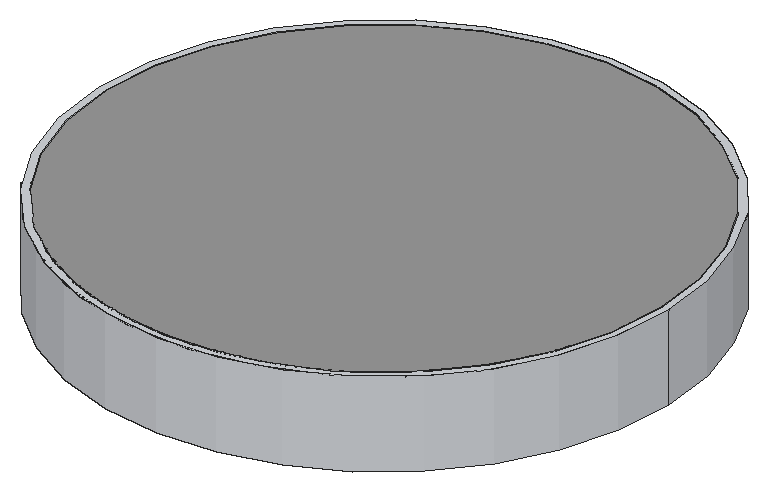
Revit family "2071160", category Lighting Fixtures, host Face, Revit 2018
Family settings
  Host = Face
  Round Connector Dimension = Use Diameter
  Part Type = Normal
  OmniClass Number = 23.80.70.00
  OmniClass Title = Lighting
  Cut with Voids When Loaded = No
  Light Source = Yes
  Shared = No
  Room Calculation Point = No
Parameters (values of type "2071160 COLOSSAL 400 940 PR DIR+H WHT SSC")
  iner diameter = 390 mm
  Weight = "n/a"
  Wattage Comments = ""
  Wattage = 30 W
  WarrantyStartDate [instance] = "n/a"
  WarrantyGuarantorParts = "n/a"
  WarrantyDurationUnit = "n/a"
  WarrantyDurationParts = ""
  WarrantyDescription = "http://www.sylvania-lighting.com"
  built-in parameter 1150110 = 1 (stored number, unit not read)
  Voltage = 230 V
  URL = "0.95"
  TypeName = "COLOSSAL 400mm 940 PRISM DIR+HAL WHITE SSC"
  Type Image = <None>
  Type Comments = "n/a"
  built-in parameter 1114217 = 1 (stored number, unit not read)
  Tilt Angle = -90.00°
  built-in parameter 1150109 = 1 (stored number, unit not read)
  built-in parameter 1150134 = (empty or 0)
  built-in parameter 1150113 = 1 (stored number, unit not read)
  SerialNumber [instance] = "n/a"
  Photometric Web File = "2071160.ies"
  Material_3_SYL = LED-Sylvania
  PowerFactor = 0
  PowerConsumption = "Lighting"
  NominalLength = 400 mm
  NominalHeight = 93 mm
  NominalDepth = 400 mm
  Name = "COLOSSAL 400mm 940 PRISM DIR+HAL WHITE SSC"
  ModelReference = Name  # "COLOSSAL 400mm 940 PRISM DIR+HAL WHITE SSC"
  ModelNumber = "2071160"
  Model = Name  # "COLOSSAL 400mm 940 PRISM DIR+HAL WHITE SSC"
  Material = "Feilo Sylvania"
  ManufacturerName = "108 lm/W"
  Manufacturer = ""
  LuminousEfficacy = ""
  built-in parameter 1150105 = 270.44 (stored number, unit not read)
  Lumens = 3398.4 lm
  LuminaireType = "0"
  built-in parameter 1150115 = 1 (stored number, unit not read)
  LightOutputRatio = "LED"
  built-in parameter 1150137 = (empty or 0)
  built-in parameter 1150139 = (empty or 0)
  LampsType = Lamp  # "n/a"
  LampNominalLuminous = "4000 K"
  LampMacAdamStep = "90"
  LampColourTemperature = "LED"
  LampColourRenderingIndex = "16500"
  built-in parameter 1150112 = 1 (stored number, unit not read)
  built-in parameter 1150114 = 1 (stored number, unit not read)
  Lamp = "n/a"
  Keynote = "n/a"
  InstallationDate [instance] = "n/a"
  InputVoltage = "0"
  InputNominalFrequency = "4000"
  built-in parameter 1150132 = (empty or 0)
  built-in parameter 1150102 = (empty or 0)
  built-in parameter 1150107 = 3000 (stored number, unit not read)
  built-in parameter 1150138 = (empty or 0)
  IngressProtection = "IfcLightFixtureType"
  ImpactProtectionIndex = "IfcLightFixtureType"
  built-in parameter 1150106 = 2.7044 (stored number, unit not read)
  IfcExportType = "IfcLightFixtureType"
  IfcExportAs = "Class I"
  Emit from Circle Diameter = 385 mm
  Emit Shape Visible in Rendering = no
  ElectricShockClassification = "108"
  built-in parameter 1150104 = 10.524 (stored number, unit not read)
  DocumentationLiterature = "http://www.sylvania-lighting.com/product/en-int/products/2071160"
  DimmingControlOptions = "n/a"
  Material_2_SYL = Polycarbonate_Sylvania_White
  Dimming Lamp Color Temperature Shift = <None>
  Description = "400mm diameter circular architectural luminaire, can be surface mounted or suspended. Powder coated aluminium housing (RAL9016) with PMMA prismatic diffuser. Direct/indirect (halo) light distribution, 1715lm luminuous flux, 15.9W system power, 108lm/W luminiaire efficacy. Sylsmart Standalone enabled. Colour rendering index Ra >90, 4000K Neutral White LED, chromaticity tolerance of 3-step MacAdam ellipse. IP40, IK03. 350mA drive current. UGR≤19. Electrical protection Class1, 220-240V. Reported lifetime 66k hours L90B10."
  Default Elevation = 1219.2 mm
  CreatedOn = "22/03/2022"
  CreatedBy = "@sylvania-lighting.com"
  Cost = 0
  Color Filter = 16777215
  built-in parameter 1114216 [instance] = (empty or 0)
  ClassificationValue = "EF_70_80"
  ClassificationName = "Uniclass2015"
  Material_1_SYL = Polycarbonate_Sylvania_Opal
  BarCode [instance] = "n/a"
  built-in parameter 1114218 = 1 (stored number, unit not read)
  built-in parameter 1150133 = 10 (stored number, unit not read)
  AssetType = "Fixed"
  AssetIdentifier [instance] = "n/a"
  Assembly Code = "D5020200"
  Apparent Load = 15.9 VA
  Material_4_SYL = none
Reference planes
  plane 1 "Center (Front/Back)": y = 0
  plane 2: z = 0
  plane 3 "Center (Left/Right)": x = 0
  plane 4: x = -200
  plane 5: x = 200
  plane 6: y = 200
  plane 7: y = -200
  plane 8: y = 236
  plane 9: y = -236
  plane 10: z = 93
  plane 11: y = 195
  plane 12: y = -195
  plane 13: y = 90.5
  plane 14: y = 144.5
  plane 15: through (52.25, 90.5, 1219.2) normal (0.866, 0.5, 0)
  plane 16: through (52.25, 90.5, 1219.2) normal (0.866, 0.5, 0)
  plane 17: through (63.706, 126.657, 1219.2) normal (0.866, 0.5, 0)
  plane 18: through (-104.5, 0, 1219.2) normal (-0.866, 0.5, 0)
  plane 19: through (-142.394, -9.633, 1219.2) normal (-0.866, 0.5, 0)
  plane 20: y = -90.5
  plane 21: y = -118.5
  plane 22: through (85.371, -141.133, 1219.2) normal (-0.866, 0.5, 0)
  plane 23: through (52.25, -90.5, 1219.2) normal (-0.866, 0.5, 0)
  plane 24: through (-161.658, 0, 1219.2) normal (0.866, 0.5, 0)
  plane 25: through (-172.12, 9.121, 1219.2) normal (0.866, 0.5, 0)
  plane 26: through (-104.5, 0, 1219.2) normal (0.866, 0.5, 0)
Forms (mm)
  Extrusion 1, solid, detail levels medium+fine
    sketch origin (0, 0, 0) x (1, 0, 0) y (0, 1, 0)
      loop
        circle (0, 0) r 200
    from 33.023 to 93
  Extrusion 2, void
    sketch origin (0, 0, 0) x (1, 0, 0) y (0, 1, 0)
      loop
        circle (0, 0) r 195
    from 93 to 37.292
  Extrusion 3, solid, material "Glass, White, High Luminance", detail levels fine
    sketch origin (0, 0, 0) x (1, 0, 0) y (0, 1, 0)
      loop
        circle (0, 0) r 195
    from 88.026 to 93
  Extrusion 4, solid, detail levels coarse
    sketch origin (0, 0, 0) x (1, 0, 0) y (0, 1, 0)
      loop
        line (-200, 200) -> (-200, -200) -> (200, -200) -> (200, 200) -> (-200, 200)
    from 0 to 93
  Blend 5, solid, detail levels medium+fine
    base sketch origin (0, 0, 0) x (1, 0, 0) y (0, 1, 0)
      loop
        line (-52.25, 90.5) -> (-104.5, 0) -> (-52.25, -90.5) -> (52.25, -90.5) -> (104.5, 0) -> (52.25, 90.5) -> (-52.25, 90.5)
    top sketch origin (0, 0, 0) x (1, 0, 0) y (0, 1, 0)
      loop
        line (-53.405, 144.5) -> (-149.245, -21.5) -> (-93.242, -118.5) -> (98.438, -118.5) -> (151.843, -26) -> (53.405, 144.5) -> (-53.405, 144.5)
    from 0 to 33.023
Cuts and joins
  Extrusion 2 cuts Extrusion 1
Dimensions and locks
  "NominalDepth": plane 6 to plane 7
  "NominalLength": plane 4 to plane 5
  equal spacing: plane 4, plane 3 "Center (Left/Right)", plane 5
  "iner diameter": plane 11 to plane 12
  equal spacing: plane 11, plane 1 "Center (Front/Back)", plane 12
  equal spacing: plane 6, plane 1 "Center (Front/Back)", plane 7
  "NominalHeight": plane 10 to level
  plane 19 to plane 18 = 28 mm
  radius of Extrusion 2 sketch curve = 195 mm
  aligned and locked: plane 2 to host face
  aligned and locked: level to host face
Automatic sketch dimensions
  host sketch curve to host sketch curve = 2438.4 mm  (x2)
  plane 1 "Center (Front/Back)" to Extrusion 1 sketch curve = 0 mm
  Extrusion 1 sketch curve to plane 3 "Center (Left/Right)" = 0 mm
  plane 1 "Center (Front/Back)" to Extrusion 2 sketch curve = 0 mm
  Extrusion 2 sketch curve to plane 3 "Center (Left/Right)" = 0 mm
  plane 1 "Center (Front/Back)" to Extrusion 3 sketch curve = 0 mm
  Extrusion 3 sketch curve to plane 3 "Center (Left/Right)" = 0 mm
  Extrusion 4 sketch curve to plane 4 = 0 mm
  Extrusion 4 sketch curve to plane 5 = 0 mm
  Extrusion 4 sketch curve to plane 7 = 0 mm
  Extrusion 4 sketch curve to plane 6 = 0 mm
  Blend 5 sketch curve to plane 19 = 0 mm  (x2)
  Blend 5 sketch curve to plane 24 = 0 mm  (x2)
  Blend 5 sketch curve to plane 21 = 0 mm
  Blend 5 sketch curve to plane 14 = 0 mm
  Blend 5 sketch curve to plane 17 = 0 mm  (x2)
  Blend 5 sketch curve to plane 22 = 0 mm  (x2)
  radius of Extrusion 1 sketch curve = 200 mm
  radius of Extrusion 3 sketch curve = 195 mm
Connectors
  electrical at (0, 0, 0), driven by "Apparent Load", driven by "PowerFactor", driven by "Voltage"
    settings: index 1, voltage 230 V, apparent load 15.9 VA, apparent load phase1 0 VA, apparent load phase2 0 VA, apparent load phase3 0 VA, power factor 0, load classification "Lighting", number of poles 1, system type 30, power factor state 1, is connector primary yes, connector utility no, sub classification motor no, connector description ""
